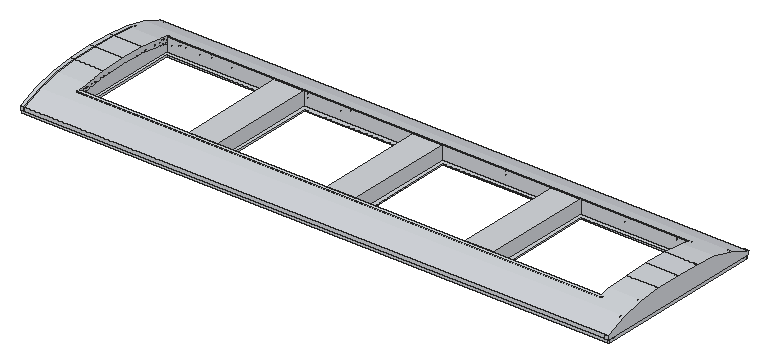
Revit family "Gira_021408", category Electrical Fixtures, host Face, Revit 2017
Family settings
  Host = Face
  Maintain Annotation Orientation = No
  Round Connector Dimension = Use Diameter
  Part Type = Normal
  Cut with Voids When Loaded = No
  Shared = No
  Room Calculation Point = No
Parameters (values of type "Abdeckrahmen 4f Zwischenr. AN Gira Event Anthrazit")
  Werkstoffgüte = "Thermoplast"
  Werkstoff = "Kunststoff"
  URL = "http://katalog.gira.de/de_DE/datenblatt.html?artikelnr=021408"
  Transparent = "No"
  Textfeld/Beschriftungsfläche = "No"
  Schutzart (IP) = "IP20"
  Region = "DE"
  Oberfläche = "sonstige"
  Name = "Abdeckrahmen 4f Zwischenr. AN Gira Event Anthrazit"
  Montagerichtung = "horizontal und vertikal"
  Mit Montagerahmen = "No"
  Mit Klappdeckel = "No"
  Manufacturer URL = "https://www.gira.de/"
  Keynote = "Event_Rahmen_4fach"
  HeinzeBIM = "https://bimportal.heinze.de/bim/abdeckrahmen-4f-zwischenr-an-gira-event-anthrazit/8ce235fbb7c2bad4573b0f094711a054ee8a3f30"
  Halogenfrei = "Yes"
  HAN = "021408"
  Geeignet für Unterputz-Installation = "Yes"
  Geeignet für Unterflurkanaldose = "No"
  Geeignet für Geräteeinbaukanal = "No"
  Geeignet für Einbauinstallation = "No"
  GTIN = "4010337214083"
  Farbe = "anthrazit"
  Default Elevation = 1219.2 mm
  Data sheet (1) = "https://katalog.gira.de/de_DE/download.html?artikelnr=021408"
  Category = "Abdeckrahmen"
  Befestigungsart = "Klemm-/Schraubbefestigung"
  Available = "Yes"
  Anzahl der Einheiten vertikal = "4 "
  Anzahl der Einheiten horizontal = "4 "
  Anzahl der Einheiten = "4 "
Reference planes
  plane 1 "Center (Front/Back)": y = 0
  plane 2: z = 0
  plane 3 "Center (Left/Right)": x = 0
Forms (mm)
  Extrusion 1, solid, detail levels fine
    sketch origin (0, 0, 0.05) x (0, 1, 0) y (0, 0, 1)
      loop
        arc (12.445, 9.683) -> (6.223, 9.833) -> (0, 9.85) r 291.636
        arc (0, 9.85) -> (-6.223, 9.833) -> (-12.445, 9.683) r 291.636
        arc (-12.445, 9.683) -> (-29.14, 7.482) -> (-45, 1.823) r 79.728
        line (-45, 1.823) -> (-45, -0.05) -> (-42.086, -0.05)
        arc (-42.086, -0.05) -> (-21.385, 5.559) -> (0, 7.206) r 114.424
        arc (0, 7.206) -> (21.385, 5.559) -> (42.086, -0.05) r 114.424
        line (42.086, -0.05) -> (45, -0.05) -> (45, 1.823)
        arc (45, 1.823) -> (29.14, 7.482) -> (12.445, 9.683) r 79.728
    from -151.95 to 151.935
  Extrusion 2, void, detail levels fine
    sketch origin (0, 0, 0) x (1, 0, 0) y (0, 1, 0)
      loop
        line (134.95, 28.035) -> (-134.95, 28.035) -> (-134.95, -28.035) -> (134.95, -28.035) -> (134.95, 28.035)
    from 0.724 to 11
  Extrusion 3, solid, detail levels coarse
    sketch origin (0, 0, 0) x (1, 0, 0) y (0, 1, 0)
      loop
        line (-151.95, 45) -> (-151.95, -45) -> (151.935, -45) -> (151.935, 45) -> (-151.95, 45)
    from -1.5 to 9.9
  Extrusion 4, solid, detail levels medium
    sketch origin (0, 0, 0.05) x (0, 1, 0) y (0, 0, 1)
      loop
        arc (12.445, 9.683) -> (6.223, 9.833) -> (0, 9.85) r 291.636
        arc (0, 9.85) -> (-6.223, 9.833) -> (-12.445, 9.683) r 291.636
        arc (-12.445, 9.683) -> (-29.14, 7.482) -> (-45, 1.823) r 79.728
        line (-45, 1.823) -> (-45, -0.05) -> (45, -0.05) -> (45, 1.823)
        arc (45, 1.823) -> (29.14, 7.482) -> (12.445, 9.683) r 79.728
    from -151.95 to 151.935
  Extrusion 5, solid, detail levels fine
    sketch origin (-106.95, 0, -1.5) x (0, 1, 0) y (0, 0, -1)
      loop
        line (45, -3.373) -> (45, -1.5) -> (-45, -1.5) -> (-45, -3.373)
        arc (-45, -3.373) -> (-29.14, -9.032) -> (-12.445, -11.233) r 79.728
        arc (-12.445, -11.233) -> (-6.223, -11.383) -> (0, -11.4) r 291.636
        arc (0, -11.4) -> (6.223, -11.383) -> (12.445, -11.233) r 291.636
        arc (12.445, -11.233) -> (29.14, -9.032) -> (45, -3.373) r 79.728
    from 43 to 45
  Extrusion 6, solid, detail levels fine
    sketch origin (0, 0, 0) x (1, 0, 0) y (0, 1, 0)
      loop
        line (-132.85, 25.7) -> (-132.85, -25.7) -> (-81.05, -25.7) -> (-81.05, 25.7) -> (-132.85, 25.7)
      loop
        line (-9.755, -25.7) -> (-9.755, 25.7) -> (-61.555, 25.7) -> (-61.555, -25.7) -> (-9.755, -25.7)
      loop
        line (-135.845, 28.49) -> (-135.845, -28.495)
        spline (-135.845, -28.495) -> (-135.836, -28.625) -> (-135.811, -28.754) -> (-135.769, -28.878) -> (-135.711, -28.995) -> (-135.638, -29.104) -> (-135.552, -29.202) -> (-135.454, -29.288) -> (-135.345, -29.361) -> (-135.228, -29.419) -> (-135.104, -29.461) -> (-134.975, -29.486) -> (-134.845, -29.495)
        line (-134.845, -29.495) -> (134.845, -29.495)
        spline (134.845, -29.495) -> (134.975, -29.486) -> (135.104, -29.461) -> (135.228, -29.419) -> (135.345, -29.361) -> (135.454, -29.288) -> (135.552, -29.202) -> (135.638, -29.104) -> (135.711, -28.995) -> (135.769, -28.878) -> (135.811, -28.754) -> (135.836, -28.625) -> (135.845, -28.495)
        line (135.845, -28.495) -> (135.845, 28.49)
        spline (135.845, 28.49) -> (135.836, 28.62) -> (135.811, 28.748) -> (135.769, 28.872) -> (135.711, 28.99) -> (135.638, 29.098) -> (135.552, 29.197) -> (135.454, 29.283) -> (135.345, 29.356) -> (135.228, 29.413) -> (135.104, 29.456) -> (134.975, 29.481) -> (134.845, 29.49)
        line (134.845, 29.49) -> (-134.845, 29.49)
        spline (-134.845, 29.49) -> (-134.975, 29.481) -> (-135.104, 29.456) -> (-135.228, 29.413) -> (-135.345, 29.356) -> (-135.454, 29.283) -> (-135.552, 29.197) -> (-135.638, 29.098) -> (-135.711, 28.99) -> (-135.769, 28.872) -> (-135.811, 28.748) -> (-135.836, 28.62) -> (-135.845, 28.49)
      loop
        line (61.545, -25.7) -> (61.545, 25.7) -> (9.745, 25.7) -> (9.745, -25.7) -> (61.545, -25.7)
      loop
        line (132.85, -25.7) -> (132.85, 25.7) -> (81.05, 25.7) -> (81.05, -25.7) -> (132.85, -25.7)
    from 0.1 to 7.3
  Extrusion 7, solid
    sketch origin (0, 0, 0) x (1, 0, 0) y (0, 1, 0)
      loop
        arc (-151.65, -44.218) -> (-151.504, -44.572) -> (-151.15, -44.718) r 0.5
        line (-151.15, -44.718) -> (151.15, -44.718)
        arc (151.15, -44.718) -> (151.504, -44.572) -> (151.65, -44.218) r 0.5
        line (151.65, -44.218) -> (151.65, 44.182)
        arc (151.65, 44.182) -> (151.504, 44.535) -> (151.15, 44.682) r 0.5
        line (151.15, 44.682) -> (-151.15, 44.682)
        arc (-151.15, 44.682) -> (-151.504, 44.535) -> (-151.65, 44.182) r 0.5
        line (-151.65, 44.182) -> (-151.65, -44.218)
      loop
        line (-149.95, 42.982) -> (-149.95, -43.018) -> (149.95, -43.018) -> (149.95, 42.982) -> (-149.95, 42.982)
    from -1.5 to 0.5
  Extrusion 8, solid, detail levels fine
    sketch origin (106.935, 0, -1.5) x (0, 1, 0) y (0, 0, 1)
      loop
        arc (45, 3.373) -> (29.14, 9.032) -> (12.445, 11.233) r 79.728
        arc (12.445, 11.233) -> (6.223, 11.383) -> (0, 11.4) r 291.636
        arc (0, 11.4) -> (-6.223, 11.383) -> (-12.445, 11.233) r 291.636
        arc (-12.445, 11.233) -> (-29.14, 9.032) -> (-45, 3.373) r 79.728
        line (-45, 3.373) -> (-45, 1.5) -> (45, 1.5) -> (45, 3.373)
    from 43 to 45
  Extrusion 9, solid, detail levels medium
    sketch origin (0, 0, 0) x (1, 0, 0) y (0, 1, 0)
      loop
        line (-151.65, -44.718) -> (151.65, -44.718) -> (151.65, 44.682) -> (-151.65, 44.682) -> (-151.65, -44.718)
    from -1.5 to 0.5
  Extrusion 10, solid, detail levels fine
    sketch origin (-69.857, 0, 0) x (1, 0, 0) y (0, 1, 0)
      loop
        line (-8.943, 28.063) -> (-8.943, -27.937) -> (6.057, -27.937) -> (6.057, 28.063) -> (-8.943, 28.063)
    from 0.724 to 7.566
  Extrusion 11, solid, detail levels fine
    sketch origin (-1.443, 0, 0) x (-1, 0, 0) y (0, -1, 0)
      loop
        line (-8.943, -28.063) -> (6.057, -28.063) -> (6.057, 27.937) -> (-8.943, 27.937) -> (-8.943, -28.063)
    from 0.724 to 7.566
  Extrusion 12, solid, detail levels fine
    sketch origin (69.857, 0, 0) x (-1, 0, 0) y (0, -1, 0)
      loop
        line (-8.943, -28.063) -> (6.057, -28.063) -> (6.057, 27.937) -> (-8.943, 27.937) -> (-8.943, -28.063)
    from 0.724 to 7.566
Cuts and joins
  Extrusion 2 cuts Extrusion 1
  Extrusion 2 cuts Extrusion 6
Dimensions and locks
  aligned and locked: plane 2 to host face
  aligned and locked: level to host face
